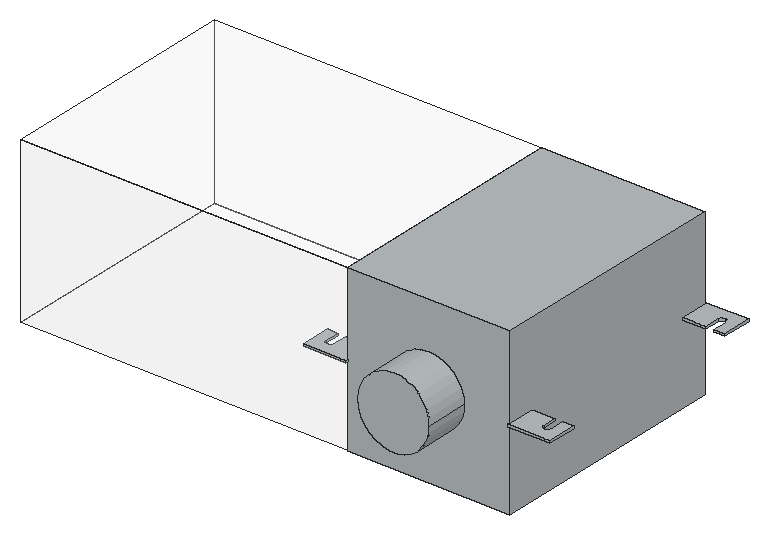
Revit family "5_天吊埋込タイプ 高静圧 単相100V_3相200V-60", category 機械設備, Revit 2019
Family settings
  丸型コネクタ寸法 = 直径を使用
  パーツ タイプ = 割り込み
  OmniClass 番号 = 23.75.35.17.27
  OmniClass タイトル = Centrifugal Fans
  作業面ベース = いいえ
  常に垂直 = はい
  ロード時にボイドで切り取り = いいえ
  共有 = いいえ
  部屋計算ポイント = はい
Parameters (values of type "BFS-15SKA")
  騒音レベル(dB(A))_吸込 = 33
  騒音レベル(dB(A))_吐出 = 38
  騒音レベル(dB(A))_側面 = 24.5
  騒音レベル(dB(A)) = 38
  風量 [instance] = 設計風量  # 0.0 m³/h
  電源種別 [instance] = "一般"
  電圧 = 100 V
  電動機出力 = 8 W
  電動機_種別 [instance] = ""
  運転質量 = 0.00 kg
  連動 [instance] = ""
  質量 = if(製品質量 > 運転質量, 製品質量, 運転質量) * 1.2  # 6.24 kg
  負荷分類 = 3_ファン類
  説明 = "ストレートシロッコファン天吊埋込タイプ（高静圧形）"
  設計風量 [instance] = 0.0 m³/h
  設置方法 = "天吊"
  記号 [instance] = ""
  製造元 = "三菱電機株式会社"
  製品質量 = 5.20 kg
  製品出荷対象 = "国内"
  製品リリース年月 = "2014年6月1日"
  製品グループ = ""
  系統 [instance] = ""
  符号 [instance] = if(☑給気／□排気, "FS", "FE")  # "FE"
  積算_科目 = "2 換気設備"
  積算_拾い区分 [instance] = ""
  相 = 1
  盤記号 [instance] = ""
  盤工事区分 = "電気工事"
  発停方法 [instance] = "別売スイッチ"
  番手 = "#1"
  特殊仕様 [instance] = ""
  火災停止 = ""
  消費電力 = 28 W
  法定耐用年数 = "15"
  機外静圧 [instance] = 0.0 Pa
  極数 = 2
  極 = 4
  材質 [instance] = ""
  本体マテリアル = 溶融亜鉛めっき鋼板
  操作・制御方式 = ""
  操作・制御スイッチ = ""
  排気量 [instance] = if(☑給気／□排気, 0.0 m³/h, 設計風量)  # 0.0 m³/h
  形式 = ""
  形名 = BFS-SKA : BFS-15SKA
  幹線記号 [instance] = ""
  対象室 [instance] = ""
  始動方式 [instance] = "直入"
  外気量 [instance] = if(☑給気／□排気, 設計風量, 0.0 m³/h)  # 0.0 m³/h
  呼称 = "消音ボックス付送風機"
  周波数 = 60 Hz
  天吊金具ピッチ幅 = 299 mm
  天吊金具ピッチ奥行 = 299 mm
  参照している仕様書等のバージョン = ""
  分類コード = "50052502100020"
  分類グループ = ""
  価格 = 36000
  企業コード = "108420"
  付属品_防振装置 = ""
  付属品 [instance] = ""
  仕様書バージョン = "Version1.0"
  モデル = "BFS-15SKA"
  ファンの種類 = "多翼形"
  ダクト径 = 100 mm
  サービススペース = yes
  コメント [instance] = ""
  Keynote = ""
  ☑給気／□排気 [instance] = no
  d1 = 100 mm
  Width = 223 mm
  Version = ""
  Uniclass2015Version = "Systems v1.9"
  Uniclass2015Title = "Centrifugal fans"
  Uniclass2015Code = "Pr_65_67_29_12"
  URL = "https://www.mitsubishielectric.co.jp/ldg/wink/ssl/displayProduct.do?pid=245350"
  SpecificationReference = ""
  SpecificationDescription = ""
  Revision = ""
  ProductInformation = ""
  OmniClassCode = "23-33 31 19 13 15"
  MIN風量 = 105.0 m³/h
  MIN静圧 = 40.0 Pa
  MID風量 = 0.0 m³/h
  MID静圧 = 0.0 Pa
  MAX風量 = 150.0 m³/h
  MAX静圧 = 80.0 Pa
  M = 60 mm
  IfcTypeProduct = ""
  IfcProduct = ""
  IfcExportType = "CENTRIFUGALFORWARDCURVED"
  IfcExportAs = "IfcFanType"
  Height = 226 mm
  Depth = 335 mm
  Clearance Top = 0 mm  # constant formula
  Clearance Right = 0 mm  # constant formula
  Clearance Left = 450 mm  # constant formula
  Clearance Front = 0 mm  # constant formula
  Clearance Bottom = 0 mm  # constant formula
  Clearance Back = 0 mm  # constant formula
  Author = "三菱電機株式会社"
Types (13, lengths in mm): name | 騒音レベル(dB(A))_吸込 | 騒音レベル(dB(A))_吐出 | 騒音レベル(dB(A))_側面 | 騒音レベル(dB(A)) | 電圧 | 電動機出力 | 質量 | 製品質量 | 相 | 番手 | 消費電力 | 極数 | 形名 | 天吊金具ピッチ幅 | 天吊金具ピッチ奥行 | 価格 | モデル | ダクト径 | Width | URL | MIN風量 | MIN静圧 | MAX風量 | MAX静圧 | M | Height | Depth
  BFS-15SKA | 33 | 38 | 24.5 | 38 | 100 V | 8 W | 6.24 kg | 5.20 kg | 1 | "#1" | 28 W | 2 | BFS-SKA : BFS-15SKA | 299 | 299 | 36000 | "BFS-15SKA" | 100 | 223 | "https://www.mitsubishielectric.co.jp/ldg/wink/ssl/displayProduct.do?pid=245350" | 105.0 m³/h | 40.0 Pa | 150.0 m³/h | 80.0 Pa | 60 | 226 | 335
  BFS-30SKA | 43 | 46 | 30 | 46 | 100 V | 12 W | 6.36 kg | 5.30 kg | 1 | "#1" | 62 W | 2 | BFS-SKA : BFS-30SKA | 299 | 299 | 45100 | "BFS-30SKA" | 150 | 223 | "https://www.mitsubishielectric.co.jp/ldg/wink/ssl/displayProduct.do?pid=245356" | 220.0 m³/h | 40.0 Pa | 300.0 m³/h | 90.0 Pa | 70 | 226 | 335
  BFS-40SKA | 43.5 | 48.5 | 31.5 | 48.5 | 100 V | 30 W | 8.40 kg | 7.00 kg | 1 | "#1 1/4" | 81 W | 2 | BFS-SKA : BFS-40SKA | 331 | 353 | 53200 | "BFS-40SKA" | 150 | 255 | "https://www.mitsubishielectric.co.jp/ldg/wink/ssl/displayProduct.do?pid=245351" | 280.0 m³/h | 55.0 Pa | 400.0 m³/h | 110.0 Pa | 70 | 255 | 389
  BFS-50SKA | 44.5 | 51.5 | 32 | 51.5 | 100 V | 45 W | 10.56 kg | 8.80 kg | 1 | "#1 1/4" | 102 W | 2 | BFS-SKA : BFS-50SKA | 395 | 395 | 74300 | "BFS-50SKA" | 200 | 319 | "https://www.mitsubishielectric.co.jp/ldg/wink/ssl/displayProduct.do?pid=245355" | 380.0 m³/h | 125.0 Pa | 500.0 m³/h | 200.0 Pa | 85 | 255 | 431
  BFS-65SKA | 45.5 | 53 | 33 | 53 | 100 V | 75 W | 13.32 kg | 11.10 kg | 1 | "#1 1/4" | 156 W | 2 | BFS-SKA : BFS-65SKA | 449 | 452 | 78800 | "BFS-65SKA" | 200 | 373 | "https://www.mitsubishielectric.co.jp/ldg/wink/ssl/displayProduct.do?pid=245352" | 460.0 m³/h | 100.0 Pa | 650.0 m³/h | 220.0 Pa | 85 | 305 | 489
  BFS-80SKA | 48 | 56 | 36 | 56 | 100 V | 105 W | 13.32 kg | 11.10 kg | 1 | "#1 1/4" | 203 W | 2 | BFS-SKA : BFS-80SKA | 449 | 452 | 84500 | "BFS-80SKA" | 200 | 373 | "https://www.mitsubishielectric.co.jp/ldg/wink/ssl/displayProduct.do?pid=245354" | 600.0 m³/h | 140.0 Pa | 800.0 m³/h | 230.0 Pa | 85 | 305 | 489
  BFS-100SKA | 51 | 61 | 40.5 | 61 | 100 V | 180 W | 18.48 kg | 15.40 kg | 1 | "#1 1/2" | 356 W | 2 | BFS-SKA : BFS-100SKA | 440 | 492 | 94000 | "BFS-100SKA" | 200 | 363 | "https://www.mitsubishielectric.co.jp/ldg/wink/ssl/displayProduct.do?pid=245360" | 800.0 m³/h | 200.0 Pa | 1000.0 m³/h | 310.0 Pa | 85 | 350 | 528
  BFS-120SKA | 51.5 | 61.5 | 41 | 61.5 | 100 V | 200 W | 19.68 kg | 16.40 kg | 1 | "#1 1/2" | 388 W | 2 | BFS-SKA : BFS-120SKA | 467 | 554 | 101300 | "BFS-120SKA" | 250 | 390 | "https://www.mitsubishielectric.co.jp/ldg/wink/ssl/displayProduct.do?pid=245359" | 880.0 m³/h | 175.0 Pa | 1200.0 m³/h | 330.0 Pa | 85 | 350 | 591
  BFS-150SKA | 55 | 63.5 | 44 | 63.5 | 100 V | 300 W | 19.92 kg | 16.60 kg | 1 | "#1 1/2" | 560 W | 2 | BFS-SKA : BFS-150SKA | 467 | 554 | 108200 | "BFS-150SKA" | 250 | 390 | "https://www.mitsubishielectric.co.jp/ldg/wink/ssl/displayProduct.do?pid=245349" | 1220.0 m³/h | 235.0 Pa | 1500.0 m³/h | 350.0 Pa | 85 | 350 | 591
  BFS-80TKA | 48 | 57 | 35 | 57 | 200 V | 170 W | 14.64 kg | 12.20 kg | 3 | "#1 1/4" | 190 W | 3 | BFS-TKA : BFS-80TKA | 449 | 452 | 84500 | "BFS-80TKA" | 200 | 373 | "https://www.mitsubishielectric.co.jp/ldg/wink/ssl/displayProduct.do?pid=245353" | 600.0 m³/h | 145.0 Pa | 800.0 m³/h | 260.0 Pa | 85 | 305 | 489
  BFS-100TKA | 50.5 | 61.5 | 40.5 | 61.5 | 200 V | 200 W | 17.40 kg | 14.50 kg | 3 | "#1 1/2" | 326 W | 3 | BFS-TKA : BFS-100TKA | 440 | 492 | 94000 | "BFS-100TKA" | 200 | 363 | "https://www.mitsubishielectric.co.jp/ldg/wink/ssl/displayProduct.do?pid=245358" | 670.0 m³/h | 140.0 Pa | 1000.0 m³/h | 320.0 Pa | 85 | 350 | 528
  BFS-120TKA | 51.5 | 62 | 41 | 62 | 200 V | 200 W | 19.80 kg | 16.50 kg | 3 | "#1 1/2" | 397 W | 3 | BFS-TKA : BFS-120TKA | 467 | 554 | 101300 | "BFS-120TKA" | 250 | 390 | "https://www.mitsubishielectric.co.jp/ldg/wink/ssl/displayProduct.do?pid=245348" | 830.0 m³/h | 175.0 Pa | 1200.0 m³/h | 370.0 Pa | 85 | 350 | 591
  BFS-150TKA | 55 | 63.5 | 42.5 | 63.5 | 200 V | 300 W | 19.80 kg | 16.50 kg | 3 | "#1 1/2" | 518 W | 3 | BFS-TKA : BFS-150TKA | 467 | 554 | 108200 | "BFS-150TKA" | 250 | 390 | "https://www.mitsubishielectric.co.jp/ldg/wink/ssl/displayProduct.do?pid=245357" | 1110.0 m³/h | 200.0 Pa | 1500.0 m³/h | 370.0 Pa | 85 | 350 | 591
Reference planes
  plane 1 "中心(正面/背面)": y = 0
  plane 2: z = 0
  plane 3 "中心(左/右)": x = -128
  plane 4 "左": x = -239.5
  plane 5 "右": x = -16.5
  plane 6 "背面": y = 167.5
  plane 7 "正面": y = -167.5
  plane 8: z = 113
  plane 9: y = 149.5
  plane 10: y = -149.5
  plane 11: x = 21.5
  plane 12: x = -277.5
  plane 13: z = -113
  plane 14: z = 113
  plane 15: z = -113
  plane 16: y = 167.5
  plane 17: y = -167.5
  plane 18: x = -16.5
  plane 19: x = -689.5
Dimensions and locks
  "Width": plane 4 "左" to plane 5 "右"
  equal spacing: plane 7 "正面", plane 1 "中心(正面/背面)", plane 6 "背面"
  "Depth": plane 7 "正面" to plane 6 "背面"
  equal spacing: plane 8, level, plane 13
  "Height": plane 8 to plane 13
  "Clearance Top": plane 14 to plane 8
  "Clearance Bottom": plane 13 to plane 15
  "Clearance Back": plane 6 "背面" to plane 16
  "Clearance Front": plane 17 to plane 7 "正面"
  "Clearance Left": plane 19 to plane 4 "左"
  "Clearance Right": plane 5 "右" to plane 18
  equal spacing: plane 4 "左", plane 3 "中心(左/右)", plane 5 "右"
  equal spacing: plane 12, plane 3 "中心(左/右)", plane 11
  "天吊金具ピッチ幅": plane 12 to plane 11
  equal spacing: plane 10, plane 1 "中心(正面/背面)", plane 9
  "天吊金具ピッチ奥行": plane 10 to plane 9
  aligned and locked: level to plane 2
  aligned and locked: nested 2 to plane 9
  aligned and locked: plane 10 to nested 2
  aligned and locked: plane 12 to nested 2
  aligned and locked: plane 11 to nested 2
  aligned and locked: plane 8 to nested 1
  aligned and locked: plane 13 to nested 1
  aligned and locked: plane 19 to nested 3
  aligned and locked: plane 17 to nested 3
  aligned and locked: plane 14 to nested 3
  aligned and locked: plane 15 to nested 3
  aligned and locked: plane 16 to nested 3
  aligned and locked: plane 4 "左" to nested 3
  aligned and locked: plane 1 "中心(正面/背面)" to nested 1
  aligned and locked: nested 1 to plane 3 "中心(左/右)"
Nested families
  nested 1: "BFS-SKA" at (-128, 0, -113) x (0, -1, 0) z (0, 0, 1), type <- "形名", type "BFS-15SKA"
  nested 2: "固定点" at (-277.5, -149.5, 0), type "固定点"
    with W 299 mm, D 299 mm
  nested 3: "サービススペース" at (-464.5, 0, 0), visible <- "サービススペース", type "サービススペース"
    with Width 450 mm, Height 226 mm, Depth 335 mm
Connectors
  hvac at (-128, -227.5, 0), driven by "ダクト径", driven by "機外静圧", driven by "風量"
    settings: on nested 1, index 2, duct flow 0.0 m³/h, flow factor 0, pres drop 0.0 Pa, loss coef 0, conn angle 0.00°, conn width 304.8 mm, conn height 304.8 mm, conn diameter 100 mm, duct sys type 29, conn prof type 0, flow config 0, flow direction 2, loss method 4, conn ref index -1, conn util no, is conn primary yes, conn desc "Out"
  hvac at (-128, 227.5, 0), driven by "ダクト径", driven by "機外静圧", driven by "風量"
    settings: on nested 1, index 3, duct flow 0.0 m³/h, flow factor 0, pres drop 0.0 Pa, loss coef 0, conn angle 0.00°, conn width 304.8 mm, conn height 304.8 mm, conn diameter 100 mm, duct sys type 29, conn prof type 0, flow config 0, flow direction 1, loss method 4, conn ref index -1, conn util no, is conn primary no, conn desc "In"
  electrical at (-261.5, -48, -19.5), driven by "極数", driven by "負荷分類", driven by "電圧", driven by "消費電力"
    settings: on nested 1, index 4, voltage 100 V, apparent load 28 VA, apparent load phase1 0 VA, apparent load phase2 0 VA, apparent load phase3 0 VA, power factor 1, load classification "3_ファン類", number of poles 2, system type 30, power factor state 1, is connector primary yes, connector utility no, sub classification motor no, connector description ""
Definition of nested family "BFS-SKA"
  Parameters (values of type "BFS-15SKA")
    端子カバー高 = 99 mm  # constant formula
    端子カバー手前位置 = 54 mm
    端子カバー幅 = 22 mm  # constant formula
    端子カバー奥行 = 131 mm  # constant formula
    端子カバー上位置 = 83 mm
    天吊金具ピッチ幅 = 299 mm
    天吊金具ピッチ奥行 = 299 mm
    マテリアル = none
    φ = 98 mm
    Φ = 110 mm
    kb_z = 25 mm
    b = 234 mm
    a = 60 mm
    W = 335 mm
    H = 226 mm
    c = 43 mm
    D = 223 mm
  Types (9, lengths in mm): name | 端子カバー手前位置 | 端子カバー上位置 | 天吊金具ピッチ幅 | 天吊金具ピッチ奥行 | φ | Φ | kb_z | b | a | W | H | c | D
    BFS-15SKA | 54 | 83 | 299 | 299 | 98 | 110 | 25 | 234 | 60 | 335 | 226 | 43 | 223
    BFS-30SKA | 54 | 83 | 299 | 299 | 142 | 160 | 25 | 234 | 70 | 335 | 226 | 43 | 223
    BFS-40SKA | 62 | 106 | 353 | 331 | 142 | 160 | 25 | 291 | 70 | 389 | 255 | 51 | 255
    BFS-50SKA | 61 | 114 | 395 | 395 | 192 | 208 | 25 | 291 | 85 | 431 | 255 | 51 | 319
    BFS-65SKA | 63 | 139 | 452 | 449 | 192 | 208 | 50 | 391 | 85 | 489 | 305 | 53 | 373
    BFS-80SKA | 63 | 139 | 452 | 449 | 192 | 208 | 50 | 391 | 85 | 489 | 305 | 53 | 373
    BFS-100SKA | 81 | 54 | 492 | 440 | 192 | 208 | 150 | 391 | 85 | 528 | 350 | 70 | 363
    BFS-120SKA | 81 | 54 | 554 | 467 | 242 | 258 | 150 | 391 | 85 | 591 | 350 | 70 | 390
    BFS-150SKA | 81 | 54 | 554 | 467 | 242 | 258 | 150 | 391 | 85 | 591 | 350 | 70 | 390
  Reference planes
    plane 1 "中心(正面/背面)": y = 0
    plane 2: z = 0
    plane 3 "中心(左/右)": x = 0
    plane 4: y = 111.5
    plane 5: y = 149.5
    plane 6: y = 169.5
    plane 7: y = -111.5
    plane 8: y = -149.5
    plane 9: y = -169.5
    plane 10: x = -167.5
    plane 11: x = -149.5
    plane 12: x = -170.5
    plane 13: x = 167.5
    plane 14: x = 149.5
    plane 15: x = 170.5
    plane 16: z = 226
    plane 17: z = 600
    plane 18: z = 900
    plane 19: z = 1200
    plane 20: x = -120.5
    plane 21: x = 113.5
    plane 22: x = 227.5
    plane 23: x = -227.5
    plane 24: z = 113
    plane 25: z = 110
    plane 26: z = 72
    plane 27: x = -129.5
    plane 28: z = 95
    plane 29: x = 129.5
    plane 30: y = 114.5
    plane 31: x = -17.5
    plane 32: z = 143
    plane 33: z = 44
    plane 34: y = -133.5
  Forms (mm)
    Extrusion 1, solid, material <- "マテリアル", detail levels fine
      sketch origin (0, 0, 0) x (1, 0, 0) y (0, 1, 0)
        loop
          line (-167.5, 111.5) -> (-167.5, -111.5) -> (167.5, -111.5) -> (167.5, 111.5) -> (-167.5, 111.5)
      from 0 to 226
    Extrusion 2, solid, material <- "マテリアル", detail levels fine
      sketch origin (0, 0, 0) x (1, 0, 0) y (0, 1, 0)
        loop
          line (-170.5, -111.5) -> (-170.5, -169.5) -> (-129.5, -169.5) -> (-129.5, -155) -> (-149.5, -155)
          arc (-149.5, -155) -> (-155, -149.5) -> (-149.5, -144) r 5.5
          line (-149.5, -144) -> (-129.5, -144) -> (-129.5, -111.5) -> (-170.5, -111.5)
      from 110 to 113
    Extrusion 3, solid, material <- "マテリアル", detail levels fine
      sketch origin (0, 0, 0) x (1, 0, 0) y (0, 1, 0)
        loop
          line (-170.5, 111.5) -> (-129.5, 111.5) -> (-129.5, 144) -> (-149.5, 144)
          arc (-149.5, 144) -> (-155, 149.5) -> (-149.5, 155) r 5.5
          line (-149.5, 155) -> (-129.5, 155) -> (-129.5, 169.5) -> (-170.5, 169.5) -> (-170.5, 111.5)
      from 110 to 113
    Extrusion 4, solid, material <- "マテリアル", detail levels fine
      sketch origin (0, 0, 0) x (-1, 0, 0) y (0, -1, 0)
        loop
          line (-170.5, -111.5) -> (-170.5, -169.5) -> (-129.5, -169.5) -> (-129.5, -155) -> (-149.5, -155)
          arc (-149.5, -155) -> (-155, -149.5) -> (-149.5, -144) r 5.5
          line (-149.5, -144) -> (-129.5, -144) -> (-129.5, -111.5) -> (-170.5, -111.5)
      from 110 to 113
    Extrusion 5, solid, material <- "マテリアル", detail levels fine
      sketch origin (0, 0, 0) x (-1, 0, 0) y (0, -1, 0)
        loop
          line (-170.5, 111.5) -> (-129.5, 111.5) -> (-129.5, 144) -> (-149.5, 144)
          arc (-149.5, 144) -> (-155, 149.5) -> (-149.5, 155) r 5.5
          line (-149.5, 155) -> (-129.5, 155) -> (-129.5, 169.5) -> (-170.5, 169.5) -> (-170.5, 111.5)
      from 110 to 113
    Extrusion 6, solid, material <- "マテリアル", detail levels fine
      sketch origin (0, 0, 0) x (0, 1, 0) y (0, 0, 1)
        loop
          circle (0, 113) r 49
      from -167.5 to -227.5
    Extrusion 7, solid, material <- "マテリアル", detail levels fine
      sketch origin (0, 0, 0) x (0, 1, 0) y (0, 0, -1)
        loop
          circle (0, -113) r 49
      from -167.5 to -227.5
    Extrusion 8, solid, material <- "マテリアル", detail levels fine
      sketch origin (0, 0, 0) x (1, 0, 0) y (0, 0, 1)
        loop
          line (113.5, 143) -> (-17.5, 143) -> (-17.5, 44) -> (113.5, 44) -> (113.5, 143)
      from 111.5 to 133.5
  Dimensions and locks
    plane 12 to plane 15 = 341 mm
    "天吊金具ピッチ幅": plane 11 to plane 14
    "W": plane 10 to plane 13
    plane 9 to plane 6 = 339 mm
    "天吊金具ピッチ奥行": plane 8 to plane 5
    "D": plane 7 to plane 4
    equal spacing: plane 7, plane 1 "中心(正面/背面)", plane 4
    equal spacing: plane 10, plane 3 "中心(左/右)", plane 13
    "H": plane 16 to level
    locked: plane 5 to plane 6 at 20
    locked: plane 9 to plane 8 at 20
    locked: plane 13 to plane 15 at 3
    locked: plane 12 to plane 10 at 3
    equal spacing: plane 16, plane 24, level
    locked: plane 24 to plane 25 at 3
    locked: plane 24 to plane 26 at 41
    locked: plane 12 to plane 27 at 41
    locked: plane 25 to plane 28 at 15
    locked: plane 29 to plane 15 at 41
    locked: plane 30 to plane 4 at 3
    "a": plane 23 to plane 10
    "a": plane 13 to plane 22
    "端子カバー手前位置": plane 13 to plane 21
    "b": plane 21 to plane 20
    "端子カバー奥行": plane 21 to plane 31
    "端子カバー高": plane 32 to plane 33
    "端子カバー幅": plane 34 to plane 7
    equal spacing: plane 11, plane 3 "中心(左/右)", plane 14
    equal spacing: plane 8, plane 1 "中心(正面/背面)", plane 5
    "端子カバー上位置": plane 16 to plane 32
    "φ": diameter of Extrusion 6 sketch curve
    "φ": diameter of Extrusion 7 sketch curve
    aligned and locked: level to plane 2
    aligned and locked: plane 4 to Extrusion 1 sketch curve
    aligned and locked: plane 10 to Extrusion 1 sketch curve
    aligned and locked: Extrusion 1 sketch curve to plane 7
    aligned and locked: Extrusion 1 sketch curve to plane 13
    aligned and locked: plane 16 to Extrusion 1
    aligned and locked: plane 7 to Extrusion 2 sketch curve
    aligned and locked: plane 12 to Extrusion 2 sketch curve
    aligned and locked: Extrusion 2 sketch curve to plane 9
    aligned and locked: Extrusion 2 sketch curve to plane 27  (x2)
    aligned and locked: plane 11 to Extrusion 2 sketch curve
    aligned and locked: plane 8 to Extrusion 2 sketch curve
    aligned and locked: plane 24 to Extrusion 2
    aligned and locked: Extrusion 2 to plane 25
    aligned and locked: plane 27 to Extrusion 3 sketch curve  (x2)
    aligned and locked: plane 5 to Extrusion 3 sketch curve
    aligned and locked: plane 11 to Extrusion 3 sketch curve
    aligned and locked: Extrusion 3 sketch curve to plane 6
    aligned and locked: Extrusion 3 sketch curve to plane 12
    aligned and locked: plane 4 to Extrusion 3 sketch curve
    aligned and locked: plane 24 to Extrusion 3
    aligned and locked: Extrusion 3 to plane 25
    aligned and locked: Extrusion 4 to plane 6
    aligned and locked: plane 15 to Extrusion 4
    aligned and locked: Extrusion 4 to plane 29
    aligned and locked: plane 29 to Extrusion 4 sketch curve  (x2)
    aligned and locked: plane 6 to Extrusion 4 sketch curve
    aligned and locked: Extrusion 4 sketch curve to plane 15
    aligned and locked: plane 5 to Extrusion 4 sketch curve
    aligned and locked: plane 14 to Extrusion 4 sketch curve
    aligned and locked: Extrusion 4 sketch curve to plane 4
    aligned and locked: Extrusion 4 to plane 25
    aligned and locked: plane 24 to Extrusion 4
    aligned and locked: plane 9 to Extrusion 5 sketch curve
    aligned and locked: plane 15 to Extrusion 5 sketch curve
    aligned and locked: Extrusion 5 sketch curve to plane 7
    aligned and locked: Extrusion 5 sketch curve to plane 29  (x2)
    aligned and locked: plane 14 to Extrusion 5 sketch curve
    aligned and locked: plane 8 to Extrusion 5 sketch curve
    aligned and locked: Extrusion 5 to plane 25
    aligned and locked: plane 24 to Extrusion 5
    aligned and locked: plane 1 "中心(正面/背面)" to Extrusion 6 sketch curve
    aligned and locked: plane 24 to Extrusion 6 sketch curve
    aligned and locked: Extrusion 6 to plane 23
    aligned and locked: plane 24 to Extrusion 7 sketch curve
    aligned and locked: plane 1 "中心(正面/背面)" to Extrusion 7 sketch curve
    aligned and locked: plane 22 to Extrusion 7
    aligned and locked: plane 32 to Extrusion 8 sketch curve
    aligned and locked: plane 21 to Extrusion 8 sketch curve
    aligned and locked: Extrusion 8 sketch curve to plane 33
    aligned and locked: Extrusion 8 sketch curve to plane 31
    aligned and locked: Extrusion 8 to plane 7
    aligned and locked: Extrusion 7 to plane 13
    aligned and locked: plane 10 to Extrusion 6
    aligned and locked: plane 34 to Extrusion 8
  Automatic sketch dimensions
    Extrusion 2 sketch curve to plane 11 = 0 mm
    plane 8 to Extrusion 2 sketch curve = 5.5 mm
    Extrusion 3 sketch curve to plane 11 = 0 mm
    plane 5 to Extrusion 3 sketch curve = 5.5 mm
    Extrusion 4 sketch curve to plane 14 = 0 mm
    Extrusion 4 sketch curve to plane 5 = 5.5 mm
    Extrusion 5 sketch curve to plane 14 = 0 mm
    Extrusion 5 sketch curve to plane 8 = 5.5 mm
Definition of nested family "サービススペース"
  Parameters (values of type "サービススペース")
    Width [instance] = 500 mm
    Height [instance] = 500 mm
    Depth [instance] = 500 mm
  Reference planes
    plane 1 "中心(正面/背面)": y = 0
    plane 2: z = 0
    plane 3 "中心(左/右)": x = 0
    plane 4: y = -250
    plane 5: x = 250
    plane 6: y = 250
    plane 7: x = -250
    plane 8: z = 250
    plane 9: z = -250
  Forms (mm)
    Extrusion 1, solid
      sketch origin (-638.939, 0, 72.39) x (1, 0, 0) y (0, 1, 0)
        loop
          line (388.939, 250) -> (388.939, -250) -> (888.939, -250) -> (888.939, 250) -> (388.939, 250)
      from -322.39 to 177.61
  Lines and regions (mm)
    symbolic lines
      curve 1: line (-250, 0, 250) -> (250, 0, 250)
      curve 2: line (-250, 0, -250) -> (-250, 0, 250)
      curve 3: line (250, 0, -250) -> (-250, 0, -250)
      curve 4: line (250, 0, 250) -> (250, 0, -250)
      curve 5: line (0, -250, 250) -> (0, 250, 250)
      curve 6: line (0, -250, -250) -> (0, -250, 250)
      curve 7: line (0, 250, -250) -> (0, -250, -250)
      curve 8: line (0, 250, 250) -> (0, 250, -250)
      curve 9: line (-250, 250, 0) -> (250, 250, 0)
      curve 10: line (-250, -250, 0) -> (-250, 250, 0)
      curve 11: line (250, -250, 0) -> (-250, -250, 0)
      curve 12: line (250, 250, 0) -> (250, -250, 0)
  Dimensions and locks
    equal spacing: plane 7, plane 3 "中心(左/右)", plane 5
    equal spacing: plane 4, plane 1 "中心(正面/背面)", plane 6
    "Depth": plane 4 to plane 6
    "Width": plane 7 to plane 5
    equal spacing: plane 8, plane 2, plane 9
    "Height": plane 8 to plane 9
    aligned and locked: plane 9 to curve 3
    aligned and locked: plane 7 to curve 2
    aligned and locked: curve 4 to plane 5
    aligned and locked: plane 5 to Extrusion 1
    aligned and locked: Extrusion 1 to plane 7
    aligned and locked: Extrusion 1 to plane 9
    aligned and locked: plane 8 to Extrusion 1
    aligned and locked: plane 9 to curve 7
  Automatic sketch dimensions
    plane 4 to Extrusion 1 sketch curve = 0 mm
    Extrusion 1 sketch curve to plane 7 = 0 mm
    Extrusion 1 sketch curve to plane 5 = 0 mm
    plane 6 to Extrusion 1 sketch curve = 0 mm
    curve 2 to plane 8 = 0 mm
    plane 4 to curve 11 = 0 mm
    curve 11 to plane 7 = 0 mm
    curve 11 to plane 5 = 0 mm
    plane 6 to curve 10 = 0 mm
    curve 7 to plane 4 = 0 mm
    curve 7 to plane 6 = 0 mm
    curve 6 to plane 8 = 0 mm
Definition of nested family "固定点"
  Parameters (values of type "固定点")
    中心円 = 11 mm
    W [instance] = 1000 mm
    D [instance] = 1000 mm
  Reference planes
    plane 1 "中心(正面/背面)": y = 0
    plane 2: z = 0
    plane 3 "中心(左/右)": x = 0
    plane 4: x = 1000
    plane 5: y = 1000
  Lines and regions (mm)
    symbolic lines, detail levels fine
      curve 1: circle (0, 1000, 0) r 5.5 normal (0, 0, 1)
      curve 2: circle (0, 0, 0) r 5.5 normal (0, 0, 1)
      curve 3: circle (1000, 1000, 0) r 5.5 normal (0, 0, 1)
      curve 4: circle (1000, 0, 0) r 5.5 normal (0, 0, 1)
      curve 5: line (-200, 1000, 0) -> (1200, 1000, 0)
      curve 6: line (-200, 0, 0) -> (1200, 0, 0)
      curve 7: line (0, 1200, 0) -> (0, -200, 0)
      curve 8: line (1000, 1200, 0) -> (1000, -200, 0)
  Dimensions and locks
    "W": plane 3 "中心(左/右)" to plane 4
    "D": plane 1 "中心(正面/背面)" to plane 5
    "中心円": diameter of curve 1
    "中心円": diameter of curve 2
    "中心円": diameter of curve 3
    "中心円": diameter of curve 4
    aligned and locked: level to plane 2
    aligned and locked: plane 5 to curve 1
    aligned and locked: plane 3 "中心(左/右)" to curve 1
    aligned and locked: plane 3 "中心(左/右)" to curve 2
    aligned and locked: plane 1 "中心(正面/背面)" to curve 2
    aligned and locked: plane 4 to curve 3
    aligned and locked: plane 5 to curve 3
    aligned and locked: plane 1 "中心(正面/背面)" to curve 4
    aligned and locked: plane 4 to curve 4
    aligned and locked: plane 1 "中心(正面/背面)" to curve 6
    aligned and locked: curve 7 to plane 3 "中心(左/右)"
    aligned and locked: curve 8 to plane 4
  Automatic sketch dimensions
    curve 5 to plane 5 = 0 mm
    curve 6 to plane 3 "中心(左/右)" = 200 mm
    curve 5 to plane 3 "中心(左/右)" = 200 mm
    curve 4 to curve 6 = 200 mm
    curve 3 to curve 5 = 200 mm
    plane 1 "中心(正面/背面)" to curve 8 = 200 mm
    plane 1 "中心(正面/背面)" to curve 7 = 200 mm
    curve 3 to curve 8 = 200 mm
    curve 1 to curve 7 = 200 mm
